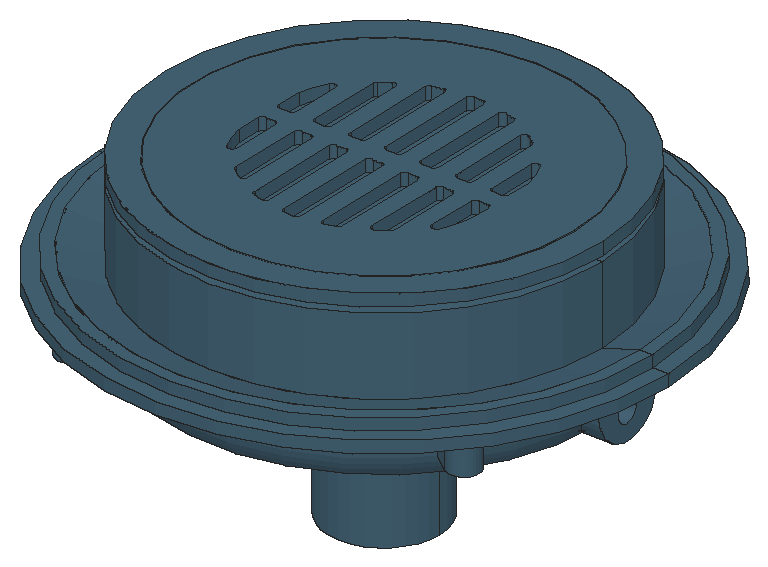
Revit family "Drain-Floor_Adjustable_9.25_Inch_Diameter-Zurn-Z520", category Plumbing Fixtures, Revit 2022
Family settings
  Round Connector Dimension = Use Radius
  Part Type = Normal
  OmniClass Number = 23.70.50.21.24.14
  OmniClass Title = Deck Waste Water Drains
  Work Plane-Based = No
  Always vertical = Yes
  Cut with Voids When Loaded = No
  Maintain Annotation Orientation = No
  Shared = No
  Room Calculation Point = No
Parameters (values of type "Load Family Type Catalog")
  Width = 12.063"  # constant formula
  Waste Connection = 0 = 0  # yes
  WFU = 1  # constant formula
  Vent Connection = 0 = 1  # no
  URL = "www.zurn.com"
  Type Comments = "Z520-2 Inch -No Hub Outlet- With option for -P Trap Primer"
  Top Adjustable Radius = 4.625"
  Product data url = "https://bimobject.com/zurnindustries/product/Z520"
  Product Page URL = "https://www.zurn.com/products/drainage-interceptors/floor-drains/area-drains/z520"
  Product Installation Sheet = "https://files.zurn.com/care-cleaning-install-warranty-sheets/fd63.pdf"
  Product Documentation Link = "https://files.zurn.com/spec-sheets/z520.pdf"
  Pipe Size A (Nominal) = 2.000"
  Pipe Size A (Actual) = 2.375"
  P Trap Primer Connetor = 0.250"  # constant formula
  Outlet Connector Radius = 1.000"
  Modified Date = "07/23/2025"  # constant formula
  Model = "Z520"
  Manufacurer Brand = "Zurn"  # constant formula
  Manufacturer = "Zurn Water, LLC"  # constant formula
  Flange and Grate = Iron - Zurn -Cast - Painted - Blue
  Enter Value-Frame Adjustment Height [instance] = 2.000"
  Body Height (E) = 4.750"
  HWFU = 0  # constant formula
  HW Connection = 0 = 1  # no
  Grate Open Area Sq.in = 15.000"  # constant formula
  Description = "9-1/4 [235] DIAMETER TOP ADJUSTABLE HEAVY-DUTY DRAIN"  # constant formula
  Default Elevation = 48.000"  # constant formula
  Date Created = "03/04/2015"  # constant formula
  CWFU = 0  # constant formula
  Main Material = Iron - Zurn -Cast - Painted - Blue
  CW Connection = 0 = 1  # no
  Assembly Code = "D2030300"
  Approx. Weight (Lbs) = 33.000"
  Frame Adjustment Height [instance] = if([Enter Value-Frame Adjustment Height] < 2.000", 2.000", if([Enter Value-Frame Adjustment Height] > 3.500", 3.500", [Enter Value-Frame Adjustment Height]))  # 2.000"
Reference planes (in)
  plane 1 "Center (Front/Back)": y = 0
  plane 2: z = 0
  plane 3 "Center (Left/Right)": x = 0
  plane 4: x = -6.0315
  plane 5: x = 6.0315
  plane 6: z = -2
  plane 7: z = -6.75
  plane 8: y = 4.625
  plane 9: y = -4.625
  plane 10: x = -4.625
  plane 11: x = 4.625
  plane 12: y = 6.0315
  plane 13: y = -6.0315
  plane 14: z = -0.25
  plane 15: z = -0.375
  plane 16: x = -4.3125
  plane 17: x = 4.3125
  plane 18: z = -3.6255
  plane 19: z = -2.3516
  plane 20: x = 5.70063
  plane 21: x = 4.3125
  plane 22: z = -1.75254
  plane 23: x = 5.49718
  plane 24: x = 4.59093
  plane 25: z = -3.37528
  plane 26: x = 2.84118
  plane 27: x = 4.84118
  plane 28: z = -2.25028
  plane 29: x = -1.1875
  plane 30: x = 1.1875
  plane 31: z = -3
  plane 32: x = 4.625
  plane 33: z = -2.25
  plane 34: through (-5.66521, 3.87094, 48) normal (0.6018, 0.7986, 0)
  plane 35: through (-5.78637, 4.75844, 48) normal (0.6018, 0.7986, 0)
  plane 36: through (-4.98473, -6.08666, 48) normal (-0.7986, 0.6018, 0)
  plane 37: through (-4.76667, -6.85389, 48) normal (-0.7986, 0.6018, 0)
  plane 38: through (2.73252, -3.53964, 48) normal (-0.7986, 0.6018, 0)
  plane 39: through (-3.24499, -2.95456, 48) normal (0.6018, 0.7986, 0)
  plane 40: through (-3.93858, 1.93916, 48) normal (-0.7986, 0.6018, 0)
  plane 41: through (1.94292, 3.93574, 48) normal (0.6018, 0.7986, 0)
  plane 42: x = 4.25512
  plane 43: y = -3.20646
  plane 44: x = 3.20539
  plane 45: y = 4.25369
  plane 46: x = -4.25512
  plane 47: y = 3.20646
  plane 48: x = -3.20539
  plane 49: y = -4.25369
  plane 50: x = 5.1565
  plane 51: y = -0.75
  plane 52: y = 0.75
  plane 53: z = -2.82812
  plane 54: y = 1.1875
  plane 55: y = -1.1875
  plane 56: x = -3.49845
  plane 57: x = -2.29992
  plane 58: x = -1.0773
  plane 59: x = -0.11812
  plane 60: x = 0.98355
  plane 61: x = 2.29992
  plane 62: x = 3.49845
  plane 63: y = 3.49845
  plane 64: y = 2.29992
  plane 65: y = 0.98355
  plane 66: y = -0.11812
  plane 67: y = -1.0773
  plane 68: y = -2.29992
  plane 69: y = -3.49845
  plane 70: y = -0.25
  plane 71: y = 0.25
  plane 72: z = -2.75
  plane 73: z = -3.25
Forms (in)
  Extrusion 1, solid, material "Iron - Zurn -Cast - Painted - Blue" <- "Flange and Grate", detail levels fine
    sketch origin (0, 0, 0) x (1, 0, 0) y (0, 1, 0)
      loop
        circle (0, 0) r 4.3125
    from -0.25 to -0.375
  Revolve 2, solid, material "Iron - Zurn -Cast - Painted - Blue" <- "Main Material", detail levels fine
    sketch origin (0, 0, 0) x (1, 0, 0) y (0, 0, 1)
      loop
        line (4.625, -2) -> (4.625, -0.375) -> (4.3125, -0.375) -> (4.3125, -2.3516) -> (4.77694, -2.3516) -> (5.50528, -2) -> (5.70063, -2) -> (5.70063, -1.75254) -> (5.44284, -1.75254) -> (4.625, -2)
      axis (0, -0.375) -> (0, -2.3516)
    angle from 0 to 360
  Revolve 3, solid, material "Iron - Zurn -Cast - Painted - Blue" <- "Main Material", detail levels fine
    sketch origin (0, 0, 0) x (1, 0, 0) y (0, 0, 1)
      loop
        line (6.0315, -2.00028) -> (5.49718, -2.00028) -> (4.59093, -2.43778) -> (4.59093, -2.87528)
        arc (4.59093, -2.87528) -> (4.44448, -3.22883) -> (4.09093, -3.37528) r 0.5
        line (4.09093, -3.37528) -> (0, -3.37528) -> (0, -3.6255) -> (4.09118, -3.6255)
        arc (4.09118, -3.6255) -> (4.62151, -3.40583) -> (4.84118, -2.8755) r 0.75
        line (4.84118, -2.8755) -> (4.84118, -2.59457) -> (5.55437, -2.25028) -> (6.0315, -2.25028) -> (6.0315, -2.00028)
      axis (0, -2.00028) -> (0, -3.6255)
    angle from 0 to 360
  Extrusion 4, solid, material "Iron - Zurn -Cast - Painted - Blue" <- "Main Material", detail levels fine
    sketch origin (0, 0, 0) x (1, 0, 0) y (0, 1, 0)
      loop
        circle (0, 0) r 1.1875
    from -6.75 to -3.6255
  Extrusion 5, void
    sketch origin (0, 0, 0) x (0, 1, 0) y (1, 0, 0)
      loop
        circle (0, 0) r 1
    from 3.6255 to 6.75
  Extrusion 6, solid, material "Iron - Zurn -Cast - Painted - Blue" <- "Main Material", detail levels fine
    sketch origin (0, 0, 0) x (1, 0, 0) y (0, 1, 0)
      loop
        arc (-3.4593, -4.06235) -> (-3.39673, -4.50761) -> (-2.95147, -4.44503) r 0.31794
        line (-2.95147, -4.44503) -> (-2.34141, -3.63546) -> (-2.84925, -3.25277) -> (-3.4593, -4.06235)
      loop
        line (2.95147, 4.44503) -> (2.34141, 3.63546) -> (2.84925, 3.25277) -> (3.4593, 4.06235)
        arc (3.4593, 4.06235) -> (3.39673, 4.50761) -> (2.95147, 4.44503) r 0.31794
      loop
        line (4.44646, -2.95254) -> (3.63546, -2.34141) -> (3.25277, -2.84925) -> (4.06377, -3.46038)
        arc (4.06377, -3.46038) -> (4.50903, -3.3978) -> (4.44646, -2.95254) r 0.31794
      loop
        arc (-4.06377, 3.46038) -> (-4.50903, 3.3978) -> (-4.44646, 2.95254) r 0.31794
        line (-4.44646, 2.95254) -> (-3.63546, 2.34141) -> (-3.25277, 2.84925) -> (-4.06377, 3.46038)
    from -3 to -2.25028
  Extrusion 7, solid, material "Iron - Zurn -Cast - Painted - Blue" <- "Flange and Grate", detail levels fine
    sketch origin (0, 0, 0) x (1, 0, 0) y (0, 1, 0)
      loop
        circle (0, 0) r 4.625
    from -0.25 to 0
  Extrusion 8, solid, material "Iron - Zurn -Cast - Painted - Blue" <- "Main Material", detail levels fine
    sketch origin (0, 0, 0) x (0, 1, 0) y (0, 0, 1)
      loop
        arc (-0.75, -2.82812) -> (0, -3.57812) -> (0.75, -2.82812) r 0.75
        line (0.75, -2.82812) -> (0.75, -2.25028) -> (-0.75, -2.25028) -> (-0.75, -2.82812)
      loop
        circle (0, -3) r 0.25
    from 4.3125 to 5.1565
  Extrusion 9, void
    sketch origin (0, 0, 0) x (0, 1, 0) y (1, 0, 0)
      loop
        circle (0, 0) r 4.031
    from 0 to 0.25
Cuts and joins
  Extrusion 5, Extrusion 9 cuts Extrusion 1
  Extrusion 5, Extrusion 9 cuts Revolve 3
  Extrusion 5, Extrusion 9 cuts Extrusion 4
  Extrusion 9 cuts Extrusion 7
Lines and regions (in)
  Masking region 1, detail levels fine
    outline origin (0, 0, 0) x (1, 0, 0) y (0, 1, 0)
      loop
        circle (0, 0) r 6.0315
  model lines, detail levels coarse+medium
    curve 1: circle (0, 0, 0) r 4.625 normal (0, 0, 1)
    curve 2: circle (0, 0, 0) r 4.031 normal (0, 0, 1)
    curve 3: line (0, 0, 0) -> (0, 0, -6.75)
    curve 4: line (-1.1875, 0, -6.75) -> (1.1875, 0, -6.75)
    curve 5: line (0, 1.1875, -6.75) -> (0, -1.1875, -6.75)
    curve 6: line (-0.11812, 4.02927, 0) -> (-0.11812, -4.02927, 0)
    curve 7: line (0.98355, 3.90917, 0) -> (0.98355, -3.90917, 0)
    curve 8: line (2.29992, 3.31049, 0) -> (2.29992, -3.31049, 0)
    curve 9: line (3.49845, 2.00245, 0) -> (3.49845, -2.00245, 0)
    curve 10: line (-1.0773, 3.88438, 0) -> (-1.0773, -3.88438, 0)
    curve 11: line (-2.29992, 3.31049, 0) -> (-2.29992, -3.31049, 0)
    curve 12: line (-3.49845, 2.00245, 0) -> (-3.49845, -2.00245, 0)
    curve 13: line (-4.02927, -0.11812, 0) -> (4.02927, -0.11812, 0)
    curve 14: line (-3.90917, 0.98355, 0) -> (3.90917, 0.98355, 0)
    curve 15: line (-3.31049, 2.29992, 0) -> (3.31049, 2.29992, 0)
    curve 16: line (-2.00245, 3.49845, 0) -> (2.00245, 3.49845, 0)
    curve 17: line (-3.88438, -1.0773, 0) -> (3.88438, -1.0773, 0)
    curve 18: line (-3.31049, -2.29992, 0) -> (3.31049, -2.29992, 0)
    curve 19: line (-2.00245, -3.49845, 0) -> (2.00245, -3.49845, 0)
    curve 28: line (5.1565, 0, -2.75) -> (5.1565, 0, -3.25)
    curve 29: line (0, 0, -3) -> (5.1565, 0, -3)
    curve 30: line (5.1565, -0.25, -3) -> (5.1565, 0.25, -3)
  symbolic lines, detail levels coarse+medium
    curve 20: line (-4.625, 0, 0) -> (4.625, 0, 0)
    curve 21: line (0, 0, 0) -> (0, 0, -6.75)
    curve 22: line (-1.1875, 0, -6.75) -> (1.1875, 0, -6.75)
    curve 23: line (0, 4.625, 0) -> (0, -4.625, 0)
    curve 24: line (0, 0, 0) -> (0, 0, -6.75)
    curve 25: line (0, 1.1875, -6.75) -> (0, -1.1875, -6.75)
    curve 26: circle (0, 0, 0) r 6.0315 normal (0, 0, 1)
    curve 27: circle (0, 0, 0) r 4.031 normal (0, 0, 1)
    curve 31: line (0, 0, -3) -> (5.1565, 0, -3)
    curve 32: line (5.1565, 0, -2.75) -> (5.1565, 0, -3.25)
    curve 33: line (5.1565, -0.25, -3) -> (5.1565, 0.25, -3)
Dimensions and locks (in)
  equal spacing: plane 5, plane 3 "Center (Left/Right)", plane 4
  "Frame Adjustment Height": level to plane 6
  "Body Height (E)": plane 6 to plane 7
  level to plane 7 = 6.750"
  "Width": plane 5 to plane 4
  equal spacing: plane 11, plane 3 "Center (Left/Right)", plane 10
  plane 4 to plane 5 = 12.063"
  plane 10 to plane 11 = 9.250"
  equal spacing: plane 12, plane 1 "Center (Front/Back)", plane 13
  level to plane 14 = 0.250"
  plane 15 to plane 6 = 1.625"
  plane 14 to plane 15 = 0.125"
  level to plane 15 = 0.375"
  equal spacing: plane 17, plane 3 "Center (Left/Right)", plane 16
  plane 3 "Center (Left/Right)" to plane 16 = 4.3125"
  plane 18 to plane 7 = 3.1245"
  plane 6 to plane 19 = 0.3516"
  plane 22 to plane 6 = 0.24746"
  plane 15 to plane 22 = 1.37754"
  locked: plane 6 to plane 18 at 1.6255
  locked: plane 23 to plane 24 at 0.90625
  plane 6 to plane 28 = 0.25028"
  plane 25 to plane 18 = 0.25022"
  equal spacing: plane 30, plane 3 "Center (Left/Right)", plane 29
  "Pipe Size A (Actual)": plane 30 to plane 29
  locked: plane 6 to plane 31 at 1
  plane 31 to plane 18 = 0.6255"
  "Top Adjustable Radius": plane 3 "Center (Left/Right)" to plane 10
  "Top Adjustable Radius": plane 11 to plane 3 "Center (Left/Right)"
  plane 12 to plane 13 = 12.063"
  equal spacing: plane 8, plane 1 "Center (Front/Back)", plane 9
  "Top Adjustable Radius": plane 1 "Center (Front/Back)" to plane 9  (x2)
  "Top Adjustable Radius": plane 8 to plane 1 "Center (Front/Back)"  (x2)
  locked: plane 32 to plane 17 at 0.3125
  plane 6 to plane 33 = 0.250"
  plane 5 to plane 50 = 0.875"
  plane 53 to plane 31 = 0.17187"
  "Pipe Size A (Actual)": plane 54 to plane 55
  equal spacing: plane 54, plane 1 "Center (Front/Back)", plane 55
  equal spacing: plane 70, plane 1 "Center (Front/Back)", plane 71
  plane 70 to plane 1 "Center (Front/Back)" = 0.250"
  plane 72 to plane 31 = 0.250"
  plane 31 to plane 73 = 0.250"
  "Pipe Size A (Actual)": diameter of Extrusion 4 sketch curve
  "Pipe Size A (Nominal)": diameter of Extrusion 5 sketch curve
  "Top Adjustable Radius": radius of Extrusion 7 sketch curve
  "Top Adjustable Radius": radius of curve 1
  aligned and locked: plane 2 to level
  aligned and locked: plane 3 "Center (Left/Right)" to Extrusion 1 sketch curve
  aligned and locked: plane 1 "Center (Front/Back)" to Extrusion 1 sketch curve
  aligned and locked: Extrusion 1 to plane 14
  aligned and locked: Extrusion 1 to plane 15
  aligned and locked: plane 19 to Revolve 2 sketch curve  (x2)
  aligned and locked: plane 20 to Revolve 2 sketch curve
  aligned and locked: plane 21 to Revolve 2 sketch curve
  aligned and locked: plane 6 to Revolve 2 sketch curve  (x3)
  aligned and locked: Revolve 2 sketch curve to plane 22
  aligned and locked: Revolve 2 sketch curve to plane 15
  aligned and locked: plane 24 to Revolve 3 sketch curve
  aligned and locked: plane 23 to Revolve 3 sketch curve
  aligned and locked: plane 18 to Revolve 3 sketch curve
  aligned and locked: plane 25 to Revolve 3 sketch curve
  aligned and locked: Revolve 3 sketch curve to plane 5
  aligned and locked: plane 27 to Revolve 3 sketch curve
  aligned and locked: plane 28 to Revolve 3 sketch curve
  aligned and locked: plane 3 "Center (Left/Right)" to Revolve 3 sketch curve
  aligned and locked: Revolve 3 sketch curve to plane 3 "Center (Left/Right)"
  aligned and locked: plane 3 "Center (Left/Right)" to Extrusion 4 sketch curve
  aligned and locked: plane 1 "Center (Front/Back)" to Extrusion 4 sketch curve
  aligned and locked: plane 18 to Extrusion 4
  aligned and locked: Extrusion 4 to plane 7
  aligned and locked: plane 3 "Center (Left/Right)" to Extrusion 5 sketch curve
  aligned and locked: plane 1 "Center (Front/Back)" to Extrusion 5 sketch curve
  aligned and locked: plane 18 to Extrusion 5
  aligned and locked: Extrusion 5 to plane 7
  aligned and locked: Extrusion 7 to plane 14
  aligned and locked: level to Extrusion 7
  aligned and locked: Revolve 2 sketch curve to plane 32
  aligned and locked: cut or joined group of Revolve 3, Extrusion 5, Extrusion 9 to Extrusion 6
  aligned and locked: plane 36 to Extrusion 6 sketch curve  (x2)
  aligned and locked: plane 34 to Extrusion 6 sketch curve  (x2)
  aligned and locked: plane 38 to Extrusion 6 sketch curve
  aligned and locked: plane 41 to Extrusion 6 sketch curve
  aligned and locked: plane 40 to Extrusion 6 sketch curve
  aligned and locked: plane 39 to Extrusion 6 sketch curve
  aligned and locked: plane 43 to Extrusion 6 sketch curve
  aligned and locked: plane 42 to Extrusion 6 sketch curve
  aligned and locked: plane 44 to Extrusion 6 sketch curve
  aligned and locked: plane 45 to Extrusion 6 sketch curve
  aligned and locked: plane 46 to Extrusion 6 sketch curve
  aligned and locked: plane 47 to Extrusion 6 sketch curve
  aligned and locked: plane 48 to Extrusion 6 sketch curve
  aligned and locked: plane 49 to Extrusion 6 sketch curve
  aligned and locked: plane 50 to Extrusion 8
  aligned and locked: cut or joined group of Revolve 3, Extrusion 5, Extrusion 9 to Extrusion 8
  aligned and locked: Extrusion 8 to plane 17
  aligned and locked: plane 1 "Center (Front/Back)" to Extrusion 8 sketch curve  (x2)
  aligned and locked: plane 52 to Extrusion 8 sketch curve
  aligned and locked: plane 31 to Extrusion 8 sketch curve
  aligned and locked: Extrusion 6 to plane 31
  aligned and locked: plane 53 to Extrusion 8 sketch curve
  aligned and locked: plane 3 "Center (Left/Right)" to curve 2
  aligned and locked: plane 1 "Center (Front/Back)" to curve 2
  aligned and locked: plane 3 "Center (Left/Right)" to curve 1
  aligned and locked: plane 1 "Center (Front/Back)" to curve 1
  aligned and locked: level to curve 3
  aligned and locked: curve 3 to plane 3 "Center (Left/Right)"
  aligned and locked: plane 30 to curve 4
  aligned and locked: plane 29 to curve 4
  aligned and locked: curve 4 to plane 7
  aligned and locked: plane 54 to curve 5
  aligned and locked: plane 55 to curve 5
  aligned and locked: curve 5 to plane 7
  aligned and locked: plane 56 to curve 12
  aligned and locked: plane 57 to curve 11
  aligned and locked: plane 58 to curve 10
  aligned and locked: plane 59 to curve 6
  aligned and locked: plane 60 to curve 7
  aligned and locked: plane 61 to curve 8
  aligned and locked: plane 62 to curve 9
  aligned and locked: plane 68 to curve 18
  aligned and locked: plane 69 to curve 19
  aligned and locked: plane 67 to curve 17
  aligned and locked: plane 66 to curve 13
  aligned and locked: plane 65 to curve 14
  aligned and locked: plane 64 to curve 15
  aligned and locked: plane 63 to curve 16
  aligned and locked: plane 29 to curve 22
  aligned and locked: plane 30 to curve 22
  aligned and locked: curve 22 to plane 7
  aligned and locked: plane 7 to curve 21
  aligned and locked: curve 21 to plane 3 "Center (Left/Right)"
  aligned and locked: plane 10 to curve 20
  aligned and locked: plane 11 to curve 20
  aligned and locked: curve 20 to level
  aligned and locked: plane 54 to curve 25
  aligned and locked: plane 55 to curve 25
  aligned and locked: curve 25 to plane 7
  aligned and locked: plane 7 to curve 24
  aligned and locked: level to curve 24
  aligned and locked: curve 24 to plane 1 "Center (Front/Back)"
  aligned and locked: plane 8 to curve 23
  aligned and locked: plane 9 to curve 23
  aligned and locked: curve 23 to level
  aligned and locked: plane 3 "Center (Left/Right)" to curve 26
  aligned and locked: plane 1 "Center (Front/Back)" to curve 26
  aligned and locked: plane 3 "Center (Left/Right)" to curve 27
  aligned and locked: plane 1 "Center (Front/Back)" to curve 27
  aligned and locked: plane 3 "Center (Left/Right)" to Extrusion 9 sketch curve
  aligned and locked: plane 1 "Center (Front/Back)" to Extrusion 9 sketch curve
  aligned and locked: Extrusion 9 to plane 14
  aligned and locked: level to Extrusion 9
  aligned and locked: plane 1 "Center (Front/Back)" to Masking region 1 sketch curve
  aligned and locked: plane 3 "Center (Left/Right)" to Masking region 1 sketch curve
  aligned and locked: plane 72 to curve 28
  aligned and locked: plane 73 to curve 28
  aligned and locked: curve 28 to plane 50
  aligned and locked: plane 3 "Center (Left/Right)" to curve 29
  aligned and locked: curve 29 to plane 31
  aligned and locked: plane 70 to curve 30
  aligned and locked: plane 71 to curve 30
  aligned and locked: curve 30 to plane 31
  aligned and locked: plane 50 to curve 31
  aligned and locked: curve 31 to plane 31
  aligned and locked: plane 72 to curve 32
  aligned and locked: plane 73 to curve 32
  aligned and locked: curve 32 to plane 50
  aligned and locked: plane 70 to curve 33
  aligned and locked: plane 71 to curve 33
  aligned and locked: curve 33 to plane 31
Automatic sketch dimensions
  plane 1 "Center (Front/Back)" to Extrusion 7 sketch curve = 0.000"
  Extrusion 7 sketch curve to plane 3 "Center (Left/Right)" = 0.000"
  Revolve 2 sketch curve to plane 3 "Center (Left/Right)" = 0.000"
  plane 11 to Revolve 2 sketch curve = 0.15194"
  Revolve 2 sketch curve to Revolve 2 sketch curve = 0.25779"
  Revolve 2 sketch curve to Revolve 2 sketch curve = 0.19535"
  Revolve 2 sketch curve to plane 31 = 0.09699"
  level to Revolve 2 sketch curve = 0.54055"
  Revolve 3 sketch curve to plane 3 "Center (Left/Right)" = 0.000"
  Revolve 3 sketch curve to plane 17 = 0.22157"
  Revolve 3 sketch curve to Revolve 3 sketch curve = 0.00025"
  plane 23 to Revolve 3 sketch curve = 0.05719"
  Revolve 3 sketch curve to Revolve 3 sketch curve = 0.28093"
  Revolve 3 sketch curve to plane 28 = 0.1875"
  Revolve 3 sketch curve to plane 6 = 0.00028"
  plane 7 to Revolve 3 sketch curve = 0.8533"
  plane 6 to Revolve 3 sketch curve = 0.37472"
  Extrusion 8 sketch curve to plane 33 = 0.00028"
  plane 10 to curve 17 = 0.74062"
  radius of Extrusion 1 sketch curve = 4.3125"
  radius of Extrusion 8 sketch curve = 0.250"
  radius of curve 26 = 6.0315"
  radius of curve 27 = 4.031"
  radius of Extrusion 9 sketch curve = 4.031"
  radius of Masking region 1 sketch curve = 6.0315"
Nested families (in)
  nested 1: "Grate" at (0, 0, 0), Main material <- "Flange and Grate", type "Grate"
    with Main material Iron - Zurn -Cast - Painted - Blue
Connectors (in)
  piping at (0, 0, -6.75), diameter 2, driven by "Outlet Connector Radius", driven by "Waste Connection"
    settings: on cut or joined group of Extrusion 4, Extrusion 5, Extrusion 9, index 1, connector inside diameter 24", connector length 0.000", flow factor 0, pipe flow 0 GPM, pressure drop 0.00 psi, fitting loss kfactor 0, connector angle 0.00°, fixture units 0, engagement length 0.000", angle of deflection 0.00°, flow configuration 0, flow direction 2, fitting loss method 0, system type 16, joint type 0, gender type 0, connector reference index -1, connector utility 1, adjustable connector no, is connector primary yes, connector description "Outlet Connection"
  piping at (5.1565, 0, -3), diameter 0.5, driven by "P Trap Primer Connetor", driven by "Waste Connection"
    settings: on Extrusion 8, index 2, connector inside diameter 24", connector length 0.000", flow factor 0, pipe flow 0 GPM, pressure drop 0.00 psi, fitting loss kfactor 0, connector angle 0.00°, fixture units 0, engagement length 0.000", angle of deflection 0.00°, flow configuration 0, flow direction 1, fitting loss method 0, system type 20, joint type 0, gender type 0, connector reference index -1, connector utility 1, adjustable connector no, is connector primary no, connector description "Optional Trap Primer"
Definition of nested family "Grate"
  Parameters (values of type "Grate")
    URL = "www.zurn.com"
    Product data url = ""
    Product Page URL = ""
    Product Installation Sheet URL = ""
    Product Documentation Link = ""
    Modified Date = ""
    Manufacurer Brand = "Zurn"  # constant formula
    Manufacturer = "Zurn Water, LLC"  # constant formula
    Main material [instance] = none
    Default Elevation = 0.000"
    Date Created = ""
    Approx. Weight (Lbs) = 0.000"
  Reference planes (in)
    plane 1 "Center (Front/Back)": y = 0
    plane 2: z = 0
    plane 3 "Center (Left/Right)": x = 0
    plane 4: x = -4.031
    plane 5: x = 4.031
    plane 6: y = -4.031
    plane 7: y = 4.031
    plane 8: z = -0.25
  Forms (in)
    Extrusion 1, solid, material <- "Main material", detail levels fine
      sketch origin (0, 0, 0) x (1, 0, 0) y (0, 1, 0)
        loop
          circle (0, 0) r 4.031
      from -0.25 to 0
    Extrusion 2, void
      sketch origin (0, 0, 0) x (1, 0, 0) y (0, 1, 0)
        loop
          arc (0.10183, 2.49599) -> (0.00443, 2.49789) -> (-0.09297, 2.49599) r 2.5
          arc (-0.09297, 2.49599) -> (-0.15689, 2.4673) -> (-0.18307, 2.40231) r 0.09375
          line (-0.18307, 2.40231) -> (-0.18307, 0.27914)
          arc (-0.18307, 0.27914) -> (-0.15561, 0.21285) -> (-0.08932, 0.18539) r 0.09375
          line (-0.08932, 0.18539) -> (0.09818, 0.18539)
          arc (0.09818, 0.18539) -> (0.16447, 0.21285) -> (0.19193, 0.27914) r 0.09375
          line (0.19193, 0.27914) -> (0.19193, 2.40231)
          arc (0.19193, 2.40231) -> (0.16575, 2.4673) -> (0.10183, 2.49599) r 0.09375
        loop
          arc (0.56693, 0.27914) -> (0.59439, 0.21285) -> (0.66068, 0.18539) r 0.09375
          line (0.66068, 0.18539) -> (0.84818, 0.18539)
          arc (0.84818, 0.18539) -> (0.91447, 0.21285) -> (0.94193, 0.27914) r 0.09375
          line (0.94193, 0.27914) -> (0.94193, 2.25136)
          arc (0.94193, 2.25136) -> (0.92522, 2.30478) -> (0.88105, 2.33916) r 0.09375
          arc (0.88105, 2.33916) -> (0.78431, 2.37314) -> (0.68625, 2.40312) r 2.5
          arc (0.68625, 2.40312) -> (0.60415, 2.38771) -> (0.56693, 2.31292) r 0.09375
          line (0.56693, 2.31292) -> (0.56693, 0.27914)
        loop
          arc (1.31693, 0.27914) -> (1.34439, 0.21285) -> (1.41068, 0.18539) r 0.09375
          line (1.41068, 0.18539) -> (1.59818, 0.18539)
          arc (1.59818, 0.18539) -> (1.66447, 0.21285) -> (1.69193, 0.27914) r 0.09375
          line (1.69193, 0.27914) -> (1.69193, 1.80067)
          arc (1.69193, 1.80067) -> (1.68365, 1.83919) -> (1.66028, 1.8709) r 0.09375
          arc (1.66028, 1.8709) -> (1.56481, 1.95115) -> (1.46547, 2.02653) r 2.5
          arc (1.46547, 2.02653) -> (1.36795, 2.0339) -> (1.31693, 1.95045) r 0.09375
          line (1.31693, 1.95045) -> (1.31693, 0.27914)
        loop
          line (-0.55807, 0.27914) -> (-0.55807, 2.31292)
          arc (-0.55807, 2.31292) -> (-0.59529, 2.38771) -> (-0.67739, 2.40312) r 0.09375
          arc (-0.67739, 2.40312) -> (-0.77545, 2.37314) -> (-0.87219, 2.33916) r 2.5
          arc (-0.87219, 2.33916) -> (-0.91636, 2.30478) -> (-0.93307, 2.25136) r 0.09375
          line (-0.93307, 2.25136) -> (-0.93307, 0.27914)
          arc (-0.93307, 0.27914) -> (-0.90561, 0.21285) -> (-0.83932, 0.18539) r 0.09375
          line (-0.83932, 0.18539) -> (-0.65182, 0.18539)
          arc (-0.65182, 0.18539) -> (-0.58553, 0.21285) -> (-0.55807, 0.27914) r 0.09375
        loop
          line (-1.30807, 0.27914) -> (-1.30807, 1.95045)
          arc (-1.30807, 1.95045) -> (-1.35908, 2.0339) -> (-1.45661, 2.02653) r 0.09375
          arc (-1.45661, 2.02653) -> (-1.55595, 1.95115) -> (-1.65141, 1.8709) r 2.5
          arc (-1.65141, 1.8709) -> (-1.67479, 1.83919) -> (-1.68307, 1.80067) r 0.09375
          line (-1.68307, 1.80067) -> (-1.68307, 0.27914)
          arc (-1.68307, 0.27914) -> (-1.65561, 0.21285) -> (-1.58932, 0.18539) r 0.09375
          line (-1.58932, 0.18539) -> (-1.40182, 0.18539)
          arc (-1.40182, 0.18539) -> (-1.33553, 0.21285) -> (-1.30807, 0.27914) r 0.09375
        loop
          arc (0.10183, -2.50021) -> (0.16575, -2.47152) -> (0.19193, -2.40653) r 0.09375
          line (0.19193, -2.40653) -> (0.19193, -0.28336)
          arc (0.19193, -0.28336) -> (0.16447, -0.21707) -> (0.09818, -0.18961) r 0.09375
          line (0.09818, -0.18961) -> (-0.08932, -0.18961)
          arc (-0.08932, -0.18961) -> (-0.15561, -0.21707) -> (-0.18307, -0.28336) r 0.09375
          line (-0.18307, -0.28336) -> (-0.18307, -2.40653)
          arc (-0.18307, -2.40653) -> (-0.15689, -2.47152) -> (-0.09297, -2.50021) r 0.09375
          arc (-0.09297, -2.50021) -> (0.00443, -2.50211) -> (0.10183, -2.50021) r 2.5
        loop
          line (0.56693, -0.28336) -> (0.56693, -2.31714)
          arc (0.56693, -2.31714) -> (0.60415, -2.39193) -> (0.68625, -2.40734) r 0.09375
          arc (0.68625, -2.40734) -> (0.78431, -2.37735) -> (0.88105, -2.34338) r 2.5
          arc (0.88105, -2.34338) -> (0.92522, -2.309) -> (0.94193, -2.25558) r 0.09375
          line (0.94193, -2.25558) -> (0.94193, -0.28336)
          arc (0.94193, -0.28336) -> (0.91447, -0.21707) -> (0.84818, -0.18961) r 0.09375
          line (0.84818, -0.18961) -> (0.66068, -0.18961)
          arc (0.66068, -0.18961) -> (0.59439, -0.21707) -> (0.56693, -0.28336) r 0.09375
        loop
          line (1.31693, -0.28336) -> (1.31693, -1.95467)
          arc (1.31693, -1.95467) -> (1.36795, -2.03811) -> (1.46547, -2.03075) r 0.09375
          arc (1.46547, -2.03075) -> (1.56481, -1.95536) -> (1.66028, -1.87512) r 2.5
          arc (1.66028, -1.87512) -> (1.68365, -1.84341) -> (1.69193, -1.80488) r 0.09375
          line (1.69193, -1.80488) -> (1.69193, -0.28336)
          arc (1.69193, -0.28336) -> (1.66447, -0.21707) -> (1.59818, -0.18961) r 0.09375
          line (1.59818, -0.18961) -> (1.41068, -0.18961)
          arc (1.41068, -0.18961) -> (1.34439, -0.21707) -> (1.31693, -0.28336) r 0.09375
        loop
          line (2.06693, -0.28336) -> (2.06693, -1.30448)
          arc (2.06693, -1.30448) -> (2.13931, -1.39577) -> (2.24469, -1.34609) r 0.09375
          arc (2.24469, -1.34609) -> (2.35966, -1.07487) -> (2.44193, -0.792) r 2.5
          line (2.44193, -0.792) -> (2.44193, -0.28336)
          arc (2.44193, -0.28336) -> (2.41447, -0.21707) -> (2.34818, -0.18961) r 0.09375
          line (2.34818, -0.18961) -> (2.16068, -0.18961)
          arc (2.16068, -0.18961) -> (2.09439, -0.21707) -> (2.06693, -0.28336) r 0.09375
        loop
          arc (-0.55807, -0.28336) -> (-0.58553, -0.21707) -> (-0.65182, -0.18961) r 0.09375
          line (-0.65182, -0.18961) -> (-0.83932, -0.18961)
          arc (-0.83932, -0.18961) -> (-0.90561, -0.21707) -> (-0.93307, -0.28336) r 0.09375
          line (-0.93307, -0.28336) -> (-0.93307, -2.25558)
          arc (-0.93307, -2.25558) -> (-0.91636, -2.309) -> (-0.87219, -2.34338) r 0.09375
          arc (-0.87219, -2.34338) -> (-0.77545, -2.37735) -> (-0.67739, -2.40734) r 2.5
          arc (-0.67739, -2.40734) -> (-0.59529, -2.39193) -> (-0.55807, -2.31714) r 0.09375
          line (-0.55807, -2.31714) -> (-0.55807, -0.28336)
        loop
          arc (-1.30807, -0.28336) -> (-1.33553, -0.21707) -> (-1.40182, -0.18961) r 0.09375
          line (-1.40182, -0.18961) -> (-1.58932, -0.18961)
          arc (-1.58932, -0.18961) -> (-1.65561, -0.21707) -> (-1.68307, -0.28336) r 0.09375
          line (-1.68307, -0.28336) -> (-1.68307, -1.80488)
          arc (-1.68307, -1.80488) -> (-1.67479, -1.84341) -> (-1.65141, -1.87512) r 0.09375
          arc (-1.65141, -1.87512) -> (-1.55595, -1.95536) -> (-1.45661, -2.03075) r 2.5
          arc (-1.45661, -2.03075) -> (-1.35908, -2.03811) -> (-1.30807, -1.95467) r 0.09375
          line (-1.30807, -1.95467) -> (-1.30807, -0.28336)
        loop
          arc (2.06693, 0.28336) -> (2.09439, 0.21707) -> (2.16068, 0.18961) r 0.09375
          line (2.16068, 0.18961) -> (2.34818, 0.18961)
          arc (2.34818, 0.18961) -> (2.41447, 0.21707) -> (2.44193, 0.28336) r 0.09375
          line (2.44193, 0.28336) -> (2.44193, 0.792)
          arc (2.44193, 0.792) -> (2.35966, 1.07487) -> (2.24469, 1.34609) r 2.5
          arc (2.24469, 1.34609) -> (2.13931, 1.39577) -> (2.06693, 1.30448) r 0.09375
          line (2.06693, 1.30448) -> (2.06693, 0.28336)
        loop
          arc (-2.06693, -0.28336) -> (-2.09439, -0.21707) -> (-2.16068, -0.18961) r 0.09375
          line (-2.16068, -0.18961) -> (-2.34818, -0.18961)
          arc (-2.34818, -0.18961) -> (-2.41447, -0.21707) -> (-2.44193, -0.28336) r 0.09375
          line (-2.44193, -0.28336) -> (-2.44193, -0.792)
          arc (-2.44193, -0.792) -> (-2.35966, -1.07487) -> (-2.24469, -1.34609) r 2.5
          arc (-2.24469, -1.34609) -> (-2.13931, -1.39577) -> (-2.06693, -1.30448) r 0.09375
          line (-2.06693, -1.30448) -> (-2.06693, -0.28336)
        loop
          line (-2.06693, 0.28336) -> (-2.06693, 1.30448)
          arc (-2.06693, 1.30448) -> (-2.13931, 1.39577) -> (-2.24469, 1.34609) r 0.09375
          arc (-2.24469, 1.34609) -> (-2.35966, 1.07487) -> (-2.44193, 0.792) r 2.5
          line (-2.44193, 0.792) -> (-2.44193, 0.28336)
          arc (-2.44193, 0.28336) -> (-2.41447, 0.21707) -> (-2.34818, 0.18961) r 0.09375
          line (-2.34818, 0.18961) -> (-2.16068, 0.18961)
          arc (-2.16068, 0.18961) -> (-2.09439, 0.21707) -> (-2.06693, 0.28336) r 0.09375
      from 0 to -0.25
  Cuts and joins
    Extrusion 2 cuts Extrusion 1
  Dimensions and locks (in)
    equal spacing: plane 7, plane 1 "Center (Front/Back)", plane 6
    plane 7 to plane 1 "Center (Front/Back)" = 4.031"
    equal spacing: plane 4, plane 3 "Center (Left/Right)", plane 5
    plane 4 to plane 3 "Center (Left/Right)" = 4.031"
    level to plane 8 = 0.250"
    aligned and locked: plane 2 to level
    aligned and locked: plane 3 "Center (Left/Right)" to Extrusion 1 sketch curve
    aligned and locked: plane 1 "Center (Front/Back)" to Extrusion 1 sketch curve
    aligned and locked: Extrusion 1 to plane 8
    aligned and locked: level to Extrusion 1
    aligned and locked: Extrusion 1 to Extrusion 2
    aligned and locked: level to Extrusion 2
  Automatic sketch dimensions
    Extrusion 2 sketch curve to Extrusion 2 sketch curve = 0.000"  (x105)
    plane 1 "Center (Front/Back)" to Extrusion 2 sketch curve = 0.28336"  (x7)
    plane 4 to Extrusion 2 sketch curve = 1.58907"
    Extrusion 2 sketch curve to Extrusion 2 sketch curve = 0.09375"  (x36)
    Extrusion 2 sketch curve to Extrusion 2 sketch curve = 0.1875"  (x20)
    Extrusion 2 sketch curve to Extrusion 2 sketch curve = 0.28125"  (x2)
    Extrusion 2 sketch curve to Extrusion 2 sketch curve = 0.38386"  (x2)
    Extrusion 2 sketch curve to Extrusion 2 sketch curve = 0.375"  (x8)
    Extrusion 2 sketch curve to plane 3 "Center (Left/Right)" = 0.18307"  (x2)
    Extrusion 2 sketch curve to plane 3 "Center (Left/Right)" = 0.08932"  (x4)
    Extrusion 2 sketch curve to plane 3 "Center (Left/Right)" = 0.00443"  (x2)
    plane 1 "Center (Front/Back)" to Extrusion 2 sketch curve = 0.00211"
    plane 3 "Center (Left/Right)" to Extrusion 2 sketch curve = 0.00443"  (x3)
    plane 3 "Center (Left/Right)" to Extrusion 2 sketch curve = 0.09818"  (x4)
    plane 1 "Center (Front/Back)" to Extrusion 2 sketch curve = 0.792"
    Extrusion 2 sketch curve to Extrusion 2 sketch curve = 0.50864"  (x3)
    Extrusion 2 sketch curve to Extrusion 2 sketch curve = 0.51249"  (x4)
    Extrusion 2 sketch curve to Extrusion 2 sketch curve = 0.5004"  (x2)
    Extrusion 2 sketch curve to Extrusion 2 sketch curve = 0.14979"  (x4)
    Extrusion 2 sketch curve to Extrusion 2 sketch curve = 0.30091"  (x4)
    Extrusion 2 sketch curve to Extrusion 2 sketch curve = 0.06156"  (x4)
    Extrusion 2 sketch curve to Extrusion 2 sketch curve = 0.08939"  (x2)
    Extrusion 2 sketch curve to Extrusion 2 sketch curve = 0.04687"
    Extrusion 2 sketch curve to plane 1 "Center (Front/Back)" = 0.18539"  (x5)
    Extrusion 2 sketch curve to plane 1 "Center (Front/Back)" = 0.18961"  (x2)
    Extrusion 2 sketch curve to Extrusion 2 sketch curve = 0.04266"
    Extrusion 2 sketch curve to Extrusion 2 sketch curve = 0.49618"  (x2)
    radius of Extrusion 1 sketch curve = 4.031"
Types in the file's own list only (18): name | Width | Type Comments | Top Adjustable Radius | Pipe Size A (Nominal) | Pipe Size A (Actual) | P Trap Primer Connetor | Outlet Connector Radius | Model | Flange and Grate | Body Height (E) | Grate Open Area Sq.in | Default Elevation | Approx. Weight (Lbs)
  Z520-2NH Outlet W/-P Trap | 12.063 " | "Z520-2 Inch -No Hub Outlet-With option for -P Trap Primer" | 4.625 " | 2.000 " | 2.375 " | 0.250 " | 1.000 " | "Z520" | Iron - Zurn -Cast - Painted - Blue | 4.750 " | 15.000 " | 48.000 " | 33.000 "
  Z520-2NL Outlet W/-P Trap | 12.063 " | "Z520-2 Inch -Neo Loc Outlet-With option for -P Trap Primer" | 4.625 " | 2.000 " | 2.375 " | 0.250 " | 1.000 " | "Z520" | Iron - Zurn -Cast - Painted - Blue | 3.563 " | 15.000 " | 48.000 " | 33.000 "
  Z520-3NH Outlet W/-P Trap | 12.063 " | "Z520-3 Inch -No-Hub Outlet-With option for -P Trap Primer" | 4.625 " | 3.000 " | 3.500 " | 0.250 " | 1.500 " | "Z520" | Iron - Zurn -Cast - Painted - Blue | 4.750 " | 15.000 " | 48.000 " | 33.000 "
  Z520-3NL Outlet W/-P Trap | 12.063 " | "Z520-3 Inch -Neo-Loc Outlet-With option for -P Trap Primer" | 4.625 " | 3.000 " | 3.500 " | 0.250 " | 1.500 " | "Z520" | Iron - Zurn -Cast - Painted - Blue | 3.563 " | 15.000 " | 48.000 " | 33.000 "
  Z520-4IC Outlet W/-P Trap | 12.063 " | "Z520-4 Inch -Inside Caulk Outlet-With option for -P Trap Primer" | 4.625 " | 4.000 " | 4.500 " | 0.250 " | 2.000 " | "Z520" | Iron - Zurn -Cast - Painted - Blue | 3.750 " | 15.000 " | 48.000 " | 33.000 "
  Z520-4NH Outlet W/-P Trap | 12.063 " | "Z520-4 Inch -No-Hub Outlet-With option for -P Trap Primer" | 4.625 " | 4.000 " | 4.500 " | 0.250 " | 2.000 " | "Z520" | Iron - Zurn -Cast - Painted - Blue | 4.750 " | 15.000 " | 48.000 " | 33.000 "
  Z520-4IP Outlet W/-P Trap | 12.063 " | "Z520-4 Inch -Threaded Outlet-With option for -P Trap Primer" | 4.625 " | 4.000 " | 4.500 " | 0.250 " | 2.000 " | "Z520" | Iron - Zurn -Cast - Painted - Blue | 2.750 " | 15.000 " | 48.000 " | 33.000 "
  Z520-4NL Outlet W/-P Trap | 12.063 " | "Z520-4 Inch -Neo-Loc Outlet-With option for -P Trap Primer" | 4.625 " | 4.000 " | 4.500 " | 0.250 " | 2.000 " | "Z520" | Iron - Zurn -Cast - Painted - Blue | 3.563 " | 15.000 " | 48.000 " | 33.000 "
  Z520-6NH Outlet W/-P Trap | 12.063 " | "Z520-6 Inch -No Hub Outlet-With option for -P Trap Primer" | 4.625 " | 6.000 " | 6.625 " | 0.250 " | 3.000 " | "Z520" | Iron - Zurn -Cast - Painted - Blue | 5.250 " | 15.000 " | 48.000 " | 38.000 "
  ZN520-2NH Outlet W/-P Trap | 12.063 " | "ZN520-2 Inch -No Hub Outlet-With option for -P Trap Primer" | 5.032 " | 2.000 " | 2.375 " | 0.250 " | 1.000 " | "ZN520" | Nickel Bronze - Zurn - Polished | 4.750 " | 15.000 " | 48.000 " | 33.000 "
  ZN520-2NL Outlet W/-P Trap | 12.063 " | "ZN520-2 Inch -Neo Loc Outlet-With option for -P Trap Primer" | 5.032 " | 2.000 " | 2.375 " | 0.250 " | 1.000 " | "ZN520" | Nickel Bronze - Zurn - Polished | 3.563 " | 15.000 " | 48.000 " | 33.000 "
  ZN520-3NH Outlet W/-P Trap | 12.063 " | "ZN520-3 Inch -No-Hub Outlet-With option for -P Trap Primer" | 5.032 " | 3.000 " | 3.500 " | 0.250 " | 1.500 " | "ZN520" | Nickel Bronze - Zurn - Polished | 4.750 " | 15.000 " | 48.000 " | 33.000 "
  ZN520-3NL Outlet W/-P Trap | 12.063 " | "ZN520-3 Inch -Neo-Loc Outlet-With option for -P Trap Primer" | 5.032 " | 3.000 " | 3.500 " | 0.250 " | 1.500 " | "ZN520" | Nickel Bronze - Zurn - Polished | 3.563 " | 15.000 " | 48.000 " | 33.000 "
  ZN520-4IC Outlet W/-P Trap | 12.063 " | "ZN520-4 Inch -Inside Caulk Outlet-With option for -P Trap Primer" | 5.032 " | 4.000 " | 4.500 " | 0.250 " | 2.000 " | "ZN520" | Nickel Bronze - Zurn - Polished | 3.750 " | 15.000 " | 48.000 " | 33.000 "
  ZN520-4NH Outlet W/-P Trap | 12.063 " | "ZN520-4 Inch -No-Hub Outlet-With option for -P Trap Primer" | 5.032 " | 4.000 " | 4.500 " | 0.250 " | 2.000 " | "ZN520" | Nickel Bronze - Zurn - Polished | 4.750 " | 15.000 " | 48.000 " | 33.000 "
  ZN520-4IP Outlet W/-P Trap | 12.063 " | "ZN520-4 Inch -Threaded Outlet-With option for -P Trap Primer" | 5.032 " | 4.000 " | 4.500 " | 0.250 " | 2.000 " | "ZN520" | Nickel Bronze - Zurn - Polished | 2.750 " | 15.000 " | 48.000 " | 33.000 "
  ZN520-4NL Outlet W/-P Trap | 12.063 " | "ZN520-4 Inch -Neo-Loc Outlet-With option for -P Trap Primer" | 5.032 " | 4.000 " | 4.500 " | 0.250 " | 2.000 " | "ZN520" | Nickel Bronze - Zurn - Polished | 3.563 " | 15.000 " | 48.000 " | 33.000 "
  ZN520-6NH Outlet W/-P Trap | 12.063 " | "ZN520-6 Inch -No Hub Outlet-With option for -P Trap Primer" | 5.032 " | 6.000 " | 6.625 " | 0.250 " | 3.000 " | "ZN520" | Nickel Bronze - Zurn - Polished | 5.250 " | 15.000 " | 48.000 " | 38.000 "
